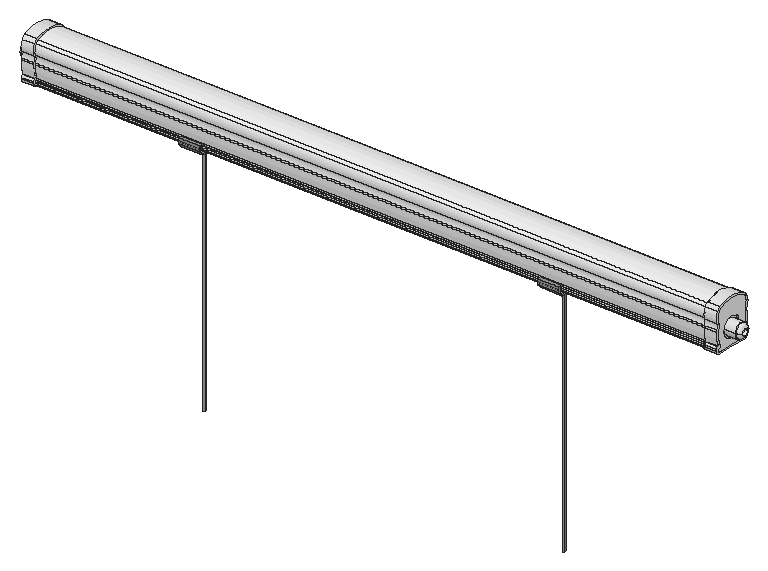
Revit family "0046031_suspended", category Lighting Fixtures, host Face, Revit 2016
Family settings
  Host = Face
  Part Type = Normal
  Round Connector Dimension = Use Diameter
  OmniClass Number = 23.80.70.00
  OmniClass Title = Lighting
  Cut with Voids When Loaded = No
  Light Source = No
  Shared = No
  Room Calculation Point = No
Parameters (values of type "0046031 ST WTRPRF SLIM 1200 IP65 4600LM 840")
  Weight = "7.38 kg"
  Wattage Comments = ""
  WarrantyStartDate [instance] = "n/a"
  WarrantyGuarantorParts = "n/a"
  WarrantyDurationUnit = "n/a"
  WarrantyDurationParts = "n/a"
  WarrantyDescription = "n/a"
  Voltage = 0 V
  URL = "http://www.sylvania-lighting.com"
  TypeName = "START Waterproof Slim 1200 IP65 4600lm 840"
  TypeFixture_SYL = START Waterproof Slim Fixture : 0046031 ST WTRPRF SLIM 1200 IP65 4600LM 840
  Type Image = <None>
  Type Comments = "n/a"
  SuspensionHeight_SYL [instance] = 400 mm
  SerialNumber [instance] = "n/a"
  S_SYL = no
  Material_3_SYL = Aluminum
  PowerFactor = 0.9
  PowerConsumption = "35 W"
  NominalLength = 1208 mm
  NominalHeight = 75 mm
  NominalDepth = 63 mm
  Name = "START Waterproof Slim 1200 IP65 4600lm 840"
  ModelReference = Name  # "START Waterproof Slim 1200 IP65 4600lm 840"
  ModelNumber = "0046031"
  Model = Name  # "START Waterproof Slim 1200 IP65 4600lm 840"
  Material = "n/a"
  ManufacturerName = "Feilo Sylvania"
  Manufacturer = "Feilo Sylvania"
  M_SYL = yes
  LuminousEfficacy = "130 lm/W"
  LuminaireType = ""
  LightOutputRatio = "n/a"
  LampsType = Lamp  # "LED"
  LampNominalLuminous = "4550 lm"
  LampMacAdamStep = "n/a"
  LampColourTemperature = "4000 K"
  LampColourRenderingIndex = "80"
  Lamp = "LED"
  Keynote = "16500"
  InstallationDate [instance] = "n/a"
  InputVoltage = "n/a"
  InputNominalFrequency = "n/a"
  IngressProtection = "IP65"
  ImpactProtectionIndex = "IK08"
  IfcExportType = "IfcLightFixtureType"
  IfcExportAs = "IfcLightFixtureType"
  ElectricShockClassification = "Class I"
  DocumentationLiterature = "http://www.sylvania-lighting.com/product/en-int/products/0046031"
  DimmingControlOptions = "n/a"
  Material_2_SYL = Diffuser-Sylvania
  Description = "START Waterproof Slim is a LED integrated polycarbonate housing luminaire with easy to access electrical terminal through bayonet lock end caps and tool-free electrical connection due to push-in terminal. Flexible installation as mounting brackets can be positioned freely on the luminaire. 35W; 4550lm; High efficiency with 130lm/W and 50,000 lifetime. SDCM ≤6; IP65; IK08; Class I; 1208mm x 63mm x 75mm ,"
  Default Elevation = 1219.2 mm
  CreatedOn = "3/5/2019"
  CreatedBy = "@sylvania-lighting.com"
  Cost = 0
  built-in parameter 1114216 [instance] = (empty or 0)
  ClassificationValue = "EF_70_80"
  ClassificationName = "Uniclass2015"
  Material_1_SYL = PC/ABS Plastic
  BracketDistance_SYL = if(S_SYL, 300 mm, if(M_SYL, 600 mm, 750 mm))  # 600 mm
  BarCode [instance] = "n/a"
  AssetType = "Fixed"
  AssetIdentifier [instance] = "n/a"
  Assembly Code = "D5020200"
  Apparent Load = 35 VA
  Material_4_SYL = none
Reference planes
  plane 1 "Center (Front/Back)": y = 0
  plane 2: z = 0
  plane 3 "Center (Left/Right)": x = 0
  plane 4: x = -300
  plane 5: x = 300
  plane 6: z = 400
Forms (mm)
  Extrusion 1, solid, material "Aluminum" <- "Material_3_SYL"
    sketch origin (0, 0, 0) x (1, 0, 0) y (0, 1, 0)
      loop
        circle (-300, 0) r 2
      loop
        circle (300, 0) r 2
    from 0 to 400
Dimensions and locks
  equal spacing: plane 4, plane 3 "Center (Left/Right)", plane 5
  "BracketDistance_SYL": plane 4 to plane 5
  "SuspensionHeight_SYL": plane 6 to plane 2
  aligned and locked: plane 2 to host face
  aligned and locked: level to host face
  aligned and locked: Extrusion 1 to plane 6
  aligned and locked: plane 3 "Center (Left/Right)" to nested 1
  aligned and locked: plane 1 "Center (Front/Back)" to nested 1
Automatic sketch dimensions
  host sketch curve to host sketch curve = 2438.4 mm  (x2)
  plane 1 "Center (Front/Back)" to Extrusion 1 sketch curve = 0 mm  (x2)
  Extrusion 1 sketch curve to plane 4 = 0 mm
  Extrusion 1 sketch curve to plane 5 = 0 mm
  radius of Extrusion 1 sketch curve = 2 mm  (x2)
Nested families
  nested 1: "START Waterproof Slim Fixture" at (0, 0, 400), type <- "TypeFixture_SYL", type "0046031 ST WTRPRF SLIM 1200 IP65 4600LM 840"
    with WarrantyStartDate "n/a", SerialNumber "n/a", InstallationDate "n/a", built-in parameter 1114216 (empty or 0), BarCode "n/a", AssetIdentifier "n/a"
Definition of nested family "START Waterproof Slim Fixture"
  Parameters (values of type "0046034 ST WTRPRF SLIM 1500 IP65 3500LM 840")
    Weight = "8.64 kg"
    Wattage Comments = ""
    Wattage = 28 W
    WarrantyStartDate [instance] = "n/a"
    WarrantyGuarantorParts = "n/a"
    WarrantyDurationUnit = "n/a"
    WarrantyDurationParts = "n/a"
    WarrantyDescription = "n/a"
    built-in parameter 1150110 = 1 (stored number, unit not read)
    Voltage = 0 V
    URL = "http://www.sylvania-lighting.com"
    TypeName = "START Waterproof Slim 1500 IP65 3500lm 840"
    Type Image = (empty or 0)
    Type Comments = "n/a"
    built-in parameter 1114217 = 1 (stored number, unit not read)
    Tilt Angle = -90.00°
    built-in parameter 1150109 = 1 (stored number, unit not read)
    built-in parameter 1150134 = 12
    built-in parameter 1150113 = 1 (stored number, unit not read)
    SerialNumber [instance] = "n/a"
    S_SYL = no
    Photometric Web File = "0046034.ies"
    Material_3_SYL = none
    PowerFactor = 0.9
    PowerConsumption = "28 W"
    NominalLength = 1448 mm
    NominalHeight = 75 mm
    NominalDepth = 63 mm
    Name = "START Waterproof Slim 1500 IP65 3500lm 840"
    ModelReference = Name  # "START Waterproof Slim 1500 IP65 3500lm 840"
    ModelNumber = "0046034"
    Model = Name  # "START Waterproof Slim 1500 IP65 3500lm 840"
    Material = "n/a"
    ManufacturerName = "Feilo Sylvania"
    Manufacturer = "Feilo Sylvania"
    M_SYL = no
    LuminousEfficacy = "130 lm/W"
    built-in parameter 1150105 = 289.66 (stored number, unit not read)
    Lumens = 3640 lm
    LuminaireType = ""
    built-in parameter 1150115 = 1 (stored number, unit not read)
    LightOutputRatio = "n/a"
    built-in parameter 1150137 = (empty or 0)
    built-in parameter 1150139 = (empty or 0)
    Length_SYL = if(S_SYL, 601 mm, if(M_SYL, 1161 mm, 1442 mm))  # 1442 mm
    LampsType = Lamp  # "LED"
    LampNominalLuminous = "3650 lm"
    LampMacAdamStep = "n/a"
    LampColourTemperature = "4000 K"
    LampColourRenderingIndex = "80"
    built-in parameter 1150112 = 1 (stored number, unit not read)
    built-in parameter 1150114 = 1 (stored number, unit not read)
    Lamp = "LED"
    Keynote = "16500"
    InstallationDate [instance] = "n/a"
    InputVoltage = "n/a"
    InputNominalFrequency = "n/a"
    built-in parameter 1150132 = (empty or 0)
    built-in parameter 1150102 = (empty or 0)
    built-in parameter 1150107 = 4000 (stored number, unit not read)
    built-in parameter 1150138 = (empty or 0)
    IngressProtection = "IP65"
    ImpactProtectionIndex = "IK08"
    built-in parameter 1150106 = 2.8966 (stored number, unit not read)
    IfcExportType = "IfcLightFixtureType"
    IfcExportAs = "IfcLightFixtureType"
    Emit from Rectangle Width = 60 mm
    Emit from Rectangle Length = Length_SYL - 41 mm  # 1401 mm
    Emit Shape Visible in Rendering = no
    ElectricShockClassification = "Class I"
    built-in parameter 1150104 = 12.077 (stored number, unit not read)
    DocumentationLiterature = "http://www.sylvania-lighting.com/product/en-int/products/0046034"
    DimmingControlOptions = "n/a"
    Material_2_SYL = none
    Dimming Lamp Color Temperature Shift = (empty or 0)
    Description = "START Waterproof Slim is a LED integrated polycarbonate housing luminaire with easy to access electrical terminal through bayonet lock end caps and tool-free electrical connection due to push-in terminal. Flexible installation as mounting brackets can be positioned freely on the luminaire. 28W; 3650lm; High efficiency with 130lm/W and 50,000 lifetime. SDCM ≤6; IP65; IK08; Class I; 1489mm x 63mm x 75mm ,"
    Default Elevation = 1219.2 mm
    CreatedOn = "3/5/2019"
    CreatedBy = "@sylvania-lighting.com"
    Cost = 0
    Color Filter = 16777215
    built-in parameter 1114216 [instance] = (empty or 0)
    ClassificationValue = "EF_70_80"
    ClassificationName = "Uniclass2015"
    Material_1_SYL = none
    BracketDistance_SYL = if(S_SYL, 300 mm, if(M_SYL, 600 mm, 750 mm))  # 750 mm
    BarCode [instance] = "n/a"
    built-in parameter 1114218 = 1 (stored number, unit not read)
    built-in parameter 1150133 = 10 (stored number, unit not read)
    AssetType = "Fixed"
    AssetIdentifier [instance] = "n/a"
    Assembly Code = "D5020200"
    Apparent Load = 28 VA
    Material_4_SYL = none
  Types (5, lengths in mm): name | Weight | Wattage | TypeName | S_SYL | Photometric Web File | PowerConsumption | NominalLength | Name | ModelReference | ModelNumber | Model | M_SYL | built-in parameter 1150105 | Lumens | Length_SYL | LampNominalLuminous | built-in parameter 1150106 | Emit from Rectangle Length | DocumentationLiterature | Description | BracketDistance_SYL | Apparent Load
    0046034 ST WTRPRF SLIM 1500 IP65 3500LM 840 | "8.64 kg" | 28 W | "START Waterproof Slim 1500 IP65 3500lm 840" | no | "0046034.ies" | "28 W" | 1448 | "START Waterproof Slim 1500 IP65 3500lm 840" | "START Waterproof Slim 1500 IP65 3500lm 840" | "0046034" | "START Waterproof Slim 1500 IP65 3500lm 840" | no | 289.66 (stored number, unit not read) | 3640 lm | 1442 | "3650 lm" | 2.8966 (stored number, unit not read) | 1401 | "http://www.sylvania-lighting.com/product/en-int/products/0046034" | "START Waterproof Slim is a LED integrated polycarbonate housing luminaire with easy to access electrical terminal through bayonet lock end caps and tool-free electrical connection due to push-in terminal. Flexible installation as mounting brackets can be positioned freely on the luminaire. 28W; 3650lm; High efficiency with 130lm/W and 50,000 lifetime. SDCM ≤6; IP65; IK08; Class I; 1489mm x 63mm x 75mm ," | 750 | 28 VA
    0046033 ST WTRPRF SLIM 1200 IP65 2400LM 840 | "7.26 kg" | 19 W | "START Waterproof Slim 1200 IP65 2400lm 840" | no | "0046033.ies" | "19 W" | 1208 | "START Waterproof Slim 1200 IP65 2400lm 840" | "START Waterproof Slim 1200 IP65 2400lm 840" | "0046033" | "START Waterproof Slim 1200 IP65 2400lm 840" | yes | 196.56 (stored number, unit not read) | 2470 lm | 1161 | "2400 lm" | 1.9656 (stored number, unit not read) | 1120 | "http://www.sylvania-lighting.com/product/en-int/products/0046033" | "START Waterproof Slim is a LED integrated polycarbonate housing luminaire with easy to access electrical terminal through bayonet lock end caps and tool-free electrical connection due to push-in terminal. Flexible installation as mounting brackets can be positioned freely on the luminaire. 19W; 2400lm; High efficiency with 130lm/W and 50,000 lifetime. SDCM ≤6; IP65; IK08; Class I; 1208mm x 63mm x 75mm ," | 600 | 19 VA
    0046032 ST WTRPRF SLIM 1500 IP65 6200LM 840 | "8.88 kg" | 50 W | "START Waterproof Slim 1500 IP65 6200lm 840" | no | "0046032.ies" | "50 W" | 1448 | "START Waterproof Slim 1500 IP65 6200lm 840" | "START Waterproof Slim 1500 IP65 6200lm 840" | "0046032" | "START Waterproof Slim 1500 IP65 6200lm 840" | no | 517.25 (stored number, unit not read) | 6500 lm | 1442 | "6500 lm" | 5.1725 (stored number, unit not read) | 1401 | "http://www.sylvania-lighting.com/product/en-int/products/0046032" | "START Waterproof Slim is a LED integrated polycarbonate housing luminaire with easy to access electrical terminal through bayonet lock end caps and tool-free electrical connection due to push-in terminal. Flexible installation as mounting brackets can be positioned freely on the luminaire. 50W; 6500lm; High efficiency with 130lm/W and 50,000 lifetime. SDCM ≤6; IP65; IK08; Class I; 1489mm x 63mm x 75mm ," | 750 | 50 VA
    0046031 ST WTRPRF SLIM 1200 IP65 4600LM 840 | "7.38 kg" | 35 W | "START Waterproof Slim 1200 IP65 4600lm 840" | no | "0046031.ies" | "35 W" | 1208 | "START Waterproof Slim 1200 IP65 4600lm 840" | "START Waterproof Slim 1200 IP65 4600lm 840" | "0046031" | "START Waterproof Slim 1200 IP65 4600lm 840" | yes | 362.08 (stored number, unit not read) | 4550 lm | 1161 | "4550 lm" | 3.6208 (stored number, unit not read) | 1120 | "http://www.sylvania-lighting.com/product/en-int/products/0046031" | "START Waterproof Slim is a LED integrated polycarbonate housing luminaire with easy to access electrical terminal through bayonet lock end caps and tool-free electrical connection due to push-in terminal. Flexible installation as mounting brackets can be positioned freely on the luminaire. 35W; 4550lm; High efficiency with 130lm/W and 50,000 lifetime. SDCM ≤6; IP65; IK08; Class I; 1208mm x 63mm x 75mm ," | 600 | 35 VA
    0046030 ST WTRPRF SLIM 600 IP65 2400LM 840 | "6.0 kg" | 19 W | "START Waterproof Slim 600 IP65 2400lm 840" | yes | "0046030.ies" | "19 W" | 648 | "START Waterproof Slim 600 IP65 2400lm 840" | "START Waterproof Slim 600 IP65 2400lm 840" | "0046030" | "START Waterproof Slim 600 IP65 2400lm 840" | no | 196.56 (stored number, unit not read) | 2470 lm | 601 | "2400 lm" | 1.9656 (stored number, unit not read) | 560 | "http://www.sylvania-lighting.com/product/en-int/products/0046030" | "START Waterproof Slim is a LED integrated polycarbonate housing luminaire with easy to access electrical terminal through bayonet lock end caps and tool-free electrical connection due to push-in terminal. Flexible installation as mounting brackets can be positioned freely on the luminaire. 19W; 2400lm; High efficiency with 130lm/W and 50,000 lifetime. SDCM ≤6; IP65; IK08; Class I; 648mm x 63mm x 75mm ," | 300 | 19 VA
  Reference planes
    plane 1 "Center (Front/Back)": y = 0
    plane 2: z = 0
    plane 3 "Center (Left/Right)": x = 0
    plane 4: y = 31.5
    plane 5: y = -31.5
    plane 6: z = 86
    plane 7: z = 5
    plane 8: x = -721
    plane 9: x = 721
    plane 10: x = -700.5
    plane 11: x = 700.5
    plane 12: x = -720
    plane 13: x = 720
    plane 14: z = 33.7
    plane 15: y = 11
    plane 16: x = 716
    plane 17: x = -716
    plane 18: y = 17
    plane 19: x = 736.5
    plane 20: x = -736.5
    plane 21: x = 742.7
    plane 22: x = -742.7
    plane 23: y = 12.2
    plane 24: y = 6.2
    plane 25: z = 1
    plane 26: y = 26
    plane 27: y = -26
    plane 28: z = 15
    plane 29: x = -375
    plane 30: x = 375
    plane 31: x = -392.5
    plane 32: x = -357.5
    plane 33: x = 392.5
    plane 34: x = 357.5
  Forms (mm)
    Extrusion 1, solid
      sketch origin (4.2, 0, 0) x (1, 0, 0) y (0, 1, 0)
        loop
          line (-1219.2, 1219.2) -> (-1219.2, -1219.2) -> (1219.2, -1219.2) -> (1219.2, 1219.2) -> (-1219.2, 1219.2)
      from 0 to -68.017
    Extrusion 2, solid
      sketch origin (0, 0, 5) x (0, 1, 0) y (0, 0, 1)
        loop
          arc (26.446, 12.356) -> (28.93, 23.033) -> (29.9, 33.951) r 78.424
          arc (29.9, 33.951) -> (29.789, 35.375) -> (29.407, 36.75) r 7.401
          arc (29.407, 36.75) -> (28.37, 42.326) -> (29.407, 47.901) r 15.507
          arc (29.407, 47.901) -> (30.59, 55.782) -> (28.321, 63.421) r 18.358
          arc (28.321, 63.421) -> (26.333, 66.056) -> (23.699, 68.044) r 11.911
          arc (23.699, 68.044) -> (0, 74.189) -> (-23.699, 68.044) r 48.773
          arc (-23.699, 68.044) -> (-26.333, 66.056) -> (-28.321, 63.421) r 11.911
          arc (-28.321, 63.421) -> (-30.59, 55.782) -> (-29.407, 47.901) r 18.358
          arc (-29.407, 47.901) -> (-28.37, 42.326) -> (-29.407, 36.75) r 15.507
          arc (-29.407, 36.75) -> (-29.789, 35.375) -> (-29.9, 33.951) r 7.401
          arc (-29.9, 33.951) -> (-28.93, 23.033) -> (-26.446, 12.356) r 78.424
          line (-26.446, 12.356) -> (-26.446, 9.516) -> (-28.478, 9.516)
          arc (-28.478, 9.516) -> (-29.483, 9.1) -> (-29.9, 8.094) r 1.422
          line (-29.9, 8.094) -> (-29.9, 5.51)
          arc (-29.9, 5.51) -> (-28.755, 2.745) -> (-25.99, 1.6) r 3.91
          line (-25.99, 1.6) -> (0, 1.6) -> (25.99, 1.6)
          arc (25.99, 1.6) -> (28.755, 2.745) -> (29.9, 5.51) r 3.91
          line (29.9, 5.51) -> (29.9, 8.094)
          arc (29.9, 8.094) -> (29.483, 9.1) -> (28.478, 9.516) r 1.422
          line (28.478, 9.516) -> (26.446, 9.516) -> (26.446, 12.356)
      from -700.5 to 700.5
    Extrusion 3, solid, material <- "Material_1_SYL"
      sketch origin (700.5, 1524, 1224.2) x (0, 1, 0) y (0, 0, 1)
        loop
          line (-1552.046, -1207.084) -> (-1552.046, -1208.115)
          arc (-1552.046, -1208.115) -> (-1554.456, -1208.821) -> (-1555.5, -1211.106) r 3.022
          line (-1555.5, -1211.106) -> (-1555.5, -1213.69)
          arc (-1555.5, -1213.69) -> (-1553.886, -1217.586) -> (-1549.99, -1219.2) r 5.51
          line (-1549.99, -1219.2) -> (-1524, -1219.2) -> (-1498.01, -1219.2)
          arc (-1498.01, -1219.2) -> (-1494.114, -1217.586) -> (-1492.5, -1213.69) r 5.51
          line (-1492.5, -1213.69) -> (-1492.5, -1211.106)
          arc (-1492.5, -1211.106) -> (-1493.544, -1208.821) -> (-1495.954, -1208.115) r 3.022
          line (-1495.954, -1208.115) -> (-1495.954, -1207.084)
          arc (-1495.954, -1207.084) -> (-1493.471, -1196.301) -> (-1492.5, -1185.279) r 80.024
          arc (-1492.5, -1185.279) -> (-1492.635, -1183.547) -> (-1493.1, -1181.874) r 9.001
          arc (-1493.1, -1181.874) -> (-1494.03, -1176.874) -> (-1493.1, -1171.874) r 13.907
          arc (-1493.1, -1171.874) -> (-1491.814, -1163.307) -> (-1494.28, -1155.001) r 19.958
          arc (-1494.28, -1155.001) -> (-1496.535, -1152.013) -> (-1499.524, -1149.758) r 13.511
          arc (-1499.524, -1149.758) -> (-1524, -1143.411) -> (-1548.476, -1149.758) r 50.373
          arc (-1548.476, -1149.758) -> (-1551.465, -1152.013) -> (-1553.72, -1155.001) r 13.511
          arc (-1553.72, -1155.001) -> (-1556.186, -1163.307) -> (-1554.9, -1171.874) r 19.958
          arc (-1554.9, -1171.874) -> (-1553.97, -1176.874) -> (-1554.9, -1181.874) r 13.907
          arc (-1554.9, -1181.874) -> (-1555.365, -1183.547) -> (-1555.5, -1185.279) r 9.001
          arc (-1555.5, -1185.279) -> (-1554.529, -1196.301) -> (-1552.046, -1207.084) r 80.024
      from 0 to 20.5
    Extrusion 4, solid, material <- "Material_1_SYL"
      sketch origin (-700.5, 1524, 1224.2) x (0, 1, 0) y (0, 0, 1)
        loop
          arc (-1499.524, -1149.758) -> (-1524, -1143.411) -> (-1548.476, -1149.758) r 50.373
          arc (-1548.476, -1149.758) -> (-1551.465, -1152.013) -> (-1553.72, -1155.001) r 13.511
          arc (-1553.72, -1155.001) -> (-1556.186, -1163.307) -> (-1554.9, -1171.874) r 19.958
          arc (-1554.9, -1171.874) -> (-1553.97, -1176.874) -> (-1554.9, -1181.874) r 13.907
          arc (-1554.9, -1181.874) -> (-1555.365, -1183.547) -> (-1555.5, -1185.279) r 9.001
          arc (-1555.5, -1185.279) -> (-1554.529, -1196.301) -> (-1552.046, -1207.084) r 80.024
          line (-1552.046, -1207.084) -> (-1552.046, -1208.115)
          arc (-1552.046, -1208.115) -> (-1554.456, -1208.821) -> (-1555.5, -1211.106) r 3.022
          line (-1555.5, -1211.106) -> (-1555.5, -1213.69)
          arc (-1555.5, -1213.69) -> (-1553.886, -1217.586) -> (-1549.99, -1219.2) r 5.51
          line (-1549.99, -1219.2) -> (-1524, -1219.2) -> (-1498.01, -1219.2)
          arc (-1498.01, -1219.2) -> (-1494.114, -1217.586) -> (-1492.5, -1213.69) r 5.51
          line (-1492.5, -1213.69) -> (-1492.5, -1211.106)
          arc (-1492.5, -1211.106) -> (-1493.544, -1208.821) -> (-1495.954, -1208.115) r 3.022
          line (-1495.954, -1208.115) -> (-1495.954, -1207.084)
          arc (-1495.954, -1207.084) -> (-1493.471, -1196.301) -> (-1492.5, -1185.279) r 80.024
          arc (-1492.5, -1185.279) -> (-1492.635, -1183.547) -> (-1493.1, -1181.874) r 9.001
          arc (-1493.1, -1181.874) -> (-1494.03, -1176.874) -> (-1493.1, -1171.874) r 13.907
          arc (-1493.1, -1171.874) -> (-1491.814, -1163.307) -> (-1494.28, -1155.001) r 19.958
          arc (-1494.28, -1155.001) -> (-1496.535, -1152.013) -> (-1499.524, -1149.758) r 13.511
      from -20.5 to 0
    Extrusion 5, void
      sketch origin (721, 1524, 1224.2) x (0, -1, 0) y (0, 0, 1)
        loop
          arc (1553.033, -1171.155) -> (1554.191, -1163.446) -> (1551.972, -1155.973) r 17.958
          arc (1551.972, -1155.973) -> (1550.051, -1153.427) -> (1547.504, -1151.506) r 11.511
          arc (1547.504, -1151.506) -> (1524, -1145.411) -> (1500.496, -1151.506) r 48.373
          arc (1500.496, -1151.506) -> (1497.949, -1153.427) -> (1496.028, -1155.973) r 11.511
          arc (1496.028, -1155.973) -> (1493.809, -1163.446) -> (1494.967, -1171.155) r 17.958
          arc (1494.967, -1171.155) -> (1496.03, -1176.874) -> (1494.967, -1182.593) r 15.907
          arc (1494.967, -1182.593) -> (1494.605, -1183.895) -> (1494.5, -1185.241) r 7.001
          arc (1494.5, -1185.241) -> (1495.47, -1196.134) -> (1497.954, -1206.784) r 78.024
          line (1497.954, -1206.784) -> (1497.954, -1210.094) -> (1495.668, -1210.094)
          arc (1495.668, -1210.094) -> (1494.853, -1210.333) -> (1494.5, -1211.106) r 1.022
          line (1494.5, -1211.106) -> (1494.5, -1213.69)
          arc (1494.5, -1213.69) -> (1495.528, -1216.172) -> (1498.01, -1217.2) r 3.51
          line (1498.01, -1217.2) -> (1524, -1217.2) -> (1549.99, -1217.2)
          arc (1549.99, -1217.2) -> (1552.472, -1216.172) -> (1553.5, -1213.69) r 3.51
          line (1553.5, -1213.69) -> (1553.5, -1211.106)
          arc (1553.5, -1211.106) -> (1553.147, -1210.333) -> (1552.332, -1210.094) r 1.022
          line (1552.332, -1210.094) -> (1550.046, -1210.094) -> (1550.046, -1206.784)
          arc (1550.046, -1206.784) -> (1552.53, -1196.134) -> (1553.5, -1185.241) r 78.024
          arc (1553.5, -1185.241) -> (1553.395, -1183.895) -> (1553.033, -1182.593) r 7.001
          arc (1553.033, -1182.593) -> (1551.97, -1176.874) -> (1553.033, -1171.155) r 15.907
      from 0 to 1
    Extrusion 6, void
      sketch origin (-721, 1524, 1224.2) x (0, -1, 0) y (0, 0, 1)
        loop
          arc (1547.504, -1151.506) -> (1524, -1145.411) -> (1500.496, -1151.506) r 48.373
          arc (1500.496, -1151.506) -> (1497.949, -1153.427) -> (1496.028, -1155.973) r 11.511
          arc (1496.028, -1155.973) -> (1493.809, -1163.446) -> (1494.967, -1171.155) r 17.958
          arc (1494.967, -1171.155) -> (1496.03, -1176.874) -> (1494.967, -1182.593) r 15.907
          arc (1494.967, -1182.593) -> (1494.605, -1183.895) -> (1494.5, -1185.241) r 7.001
          arc (1494.5, -1185.241) -> (1495.47, -1196.134) -> (1497.954, -1206.784) r 78.024
          line (1497.954, -1206.784) -> (1497.954, -1210.094) -> (1495.668, -1210.094)
          arc (1495.668, -1210.094) -> (1494.853, -1210.333) -> (1494.5, -1211.106) r 1.022
          line (1494.5, -1211.106) -> (1494.5, -1213.69)
          arc (1494.5, -1213.69) -> (1495.528, -1216.172) -> (1498.01, -1217.2) r 3.51
          line (1498.01, -1217.2) -> (1524, -1217.2) -> (1549.99, -1217.2)
          arc (1549.99, -1217.2) -> (1552.472, -1216.172) -> (1553.5, -1213.69) r 3.51
          line (1553.5, -1213.69) -> (1553.5, -1211.106)
          arc (1553.5, -1211.106) -> (1553.147, -1210.333) -> (1552.332, -1210.094) r 1.022
          line (1552.332, -1210.094) -> (1550.046, -1210.094) -> (1550.046, -1206.784)
          arc (1550.046, -1206.784) -> (1552.53, -1196.134) -> (1553.5, -1185.241) r 78.024
          arc (1553.5, -1185.241) -> (1553.395, -1183.895) -> (1553.033, -1182.593) r 7.001
          arc (1553.033, -1182.593) -> (1551.97, -1176.874) -> (1553.033, -1171.155) r 15.907
          arc (1553.033, -1171.155) -> (1554.191, -1163.446) -> (1551.972, -1155.973) r 17.958
          arc (1551.972, -1155.973) -> (1550.051, -1153.427) -> (1547.504, -1151.506) r 11.511
      from 0 to -1
    Revolve 7, void
      sketch origin (0, 1219.2, 33.7) x (1, 0, 0) y (0, 1, 0)
        loop
          line (720, -1202.2) -> (716, -1202.2) -> (716, -1219.2) -> (720, -1219.2) -> (720, -1202.2)
        loop
          line (-716, -1219.2) -> (-716, -1202.2) -> (-720, -1202.2) -> (-720, -1219.2) -> (-716, -1219.2)
        axis (720, -1219.2) -> (-720, -1219.2)
      angle from 360 to 0
    Revolve 8, solid, material <- "Material_1_SYL"
      sketch origin (0, 1219.2, 33.7) x (1, 0, 0) y (0, 1, 0)
        loop
          line (716, -1219.2) -> (736.5, -1219.2) -> (736.5, -1213) -> (742.7, -1213)
          arc (742.7, -1213) -> (740.42, -1209.54) -> (736.5, -1208.2) r 6.404
          line (736.5, -1208.2) -> (736.5, -1207) -> (716, -1207) -> (716, -1219.2)
        loop
          line (-716, -1219.2) -> (-716, -1207) -> (-736.5, -1207) -> (-736.5, -1208.2)
          arc (-736.5, -1208.2) -> (-740.42, -1209.54) -> (-742.7, -1213) r 6.404
          line (-742.7, -1213) -> (-736.5, -1213) -> (-736.5, -1219.2) -> (-716, -1219.2)
        axis (742.7, -1219.2) -> (-742.7, -1219.2)
      angle from 360 to 0
    Extrusion 9, solid, material <- "Material_3_SYL"
      sketch origin (-375, 1524, 1214.2) x (0, 1, 0) y (0, 0, 1)
        loop
          line (-1498, -1213.2) -> (-1550, -1213.2) -> (-1555.5, -1207.7) -> (-1555.5, -1199.2) -> (-1550.446, -1199.2) -> (-1550.446, -1198.2) -> (-1556.5, -1198.2) -> (-1556.5, -1208.114) -> (-1550.414, -1214.2) -> (-1497.586, -1214.2) -> (-1491.5, -1208.114) -> (-1491.5, -1198.2) -> (-1497.554, -1198.2) -> (-1497.554, -1199.2) -> (-1492.5, -1199.2) -> (-1492.5, -1207.7) -> (-1498, -1213.2)
      from -17.5 to 17.5
    Extrusion 10, solid, material <- "Material_3_SYL"
      sketch origin (375, 1524, 1214.2) x (0, 1, 0) y (0, 0, 1)
        loop
          line (-1550, -1213.2) -> (-1555.5, -1207.7) -> (-1555.5, -1199.2) -> (-1550.446, -1199.2) -> (-1550.446, -1198.2) -> (-1556.5, -1198.2) -> (-1556.5, -1208.114) -> (-1550.414, -1214.2) -> (-1497.586, -1214.2) -> (-1491.5, -1208.114) -> (-1491.5, -1198.2) -> (-1497.554, -1198.2) -> (-1497.554, -1199.2) -> (-1492.5, -1199.2) -> (-1492.5, -1207.7) -> (-1498, -1213.2) -> (-1550, -1213.2)
      from -17.5 to 17.5
  Cuts and joins
    Extrusion 5, Revolve 7 cuts Extrusion 3
    Extrusion 6, Revolve 7 cuts Extrusion 4
  Lines and regions (mm)
    reference lines
      curve 1: line (0, 0, 5) -> (0, -25.99, 5)
      curve 2: line (0, -31.5, 10.51) -> (0, -31.5, 13.094)
      curve 3: line (0, -28.478, 16.116) -> (0, -28.046, 16.116)
      curve 4: line (0, -28.046, 16.116) -> (0, -28.046, 17.116)
      curve 5: arc (0, -28.046, 17.116) -> (0, -30.529, 27.899) -> (0, -31.5, 38.921) r 80.024
      curve 6: arc (0, -31.5, 38.921) -> (0, -31.365, 40.653) -> (0, -30.9, 42.326) r 9.001
      curve 7: arc (0, -30.9, 42.326) -> (0, -29.97, 47.326) -> (0, -30.9, 52.326) r 13.907
      curve 8: arc (0, -30.9, 52.326) -> (0, -32.186, 60.893) -> (0, -29.72, 69.199) r 19.958
      curve 9: arc (0, -29.72, 69.199) -> (0, -27.465, 72.187) -> (0, -24.476, 74.442) r 13.511
      curve 10: arc (0, -31.5, 13.094) -> (0, -30.615, 15.231) -> (0, -28.478, 16.116) r 3.022
      curve 11: arc (0, -25.99, 5) -> (0, -29.886, 6.614) -> (0, -31.5, 10.51) r 5.51
      curve 12: line (0, 0, 5) -> (0, 25.99, 5)
      curve 13: line (0, 31.5, 10.51) -> (0, 31.5, 13.094)
      curve 14: line (0, 28.478, 16.116) -> (0, 28.046, 16.116)
      curve 15: line (0, 28.046, 16.116) -> (0, 28.046, 17.116)
      curve 16: arc (0, 28.046, 17.116) -> (0, 30.529, 27.899) -> (0, 31.5, 38.921) r 80.024
      curve 17: arc (0, 31.5, 38.921) -> (0, 31.365, 40.653) -> (0, 30.9, 42.326) r 9.001
      curve 18: arc (0, 30.9, 42.326) -> (0, 29.97, 47.326) -> (0, 30.9, 52.326) r 13.907
      curve 19: arc (0, 30.9, 52.326) -> (0, 32.186, 60.893) -> (0, 29.72, 69.199) r 19.958
      curve 20: arc (0, 29.72, 69.199) -> (0, 27.465, 72.187) -> (0, 24.476, 74.442) r 13.511
      curve 21: arc (0, 31.5, 13.094) -> (0, 30.615, 15.231) -> (0, 28.478, 16.116) r 3.022
      curve 22: arc (0, 25.99, 5) -> (0, 29.886, 6.614) -> (0, 31.5, 10.51) r 5.51
      curve 23: arc (0, -24.476, 74.442) -> (0, 0, 80.789) -> (0, 24.476, 74.442) r 50.373
      curve 24: circle (0, 0, 33.7) r 17 normal (1, 0, 0)
      curve 25: circle (0, 0, 33.7) r 11 normal (1, 0, 0)
      curve 26: line (0, -26, 1) -> (0, -31.5, 6.5)
      curve 27: line (0, 26, 1) -> (0, 31.5, 6.5)
  Dimensions and locks
    equal spacing: plane 5, plane 1 "Center (Front/Back)", plane 4
    plane 5 to plane 4 = 63 mm
    equal spacing: plane 8, plane 3 "Center (Left/Right)", plane 9
    "Length_SYL": plane 8 to plane 9
    equal spacing: plane 10, plane 3 "Center (Left/Right)", plane 11
    locked: plane 8 to plane 10 at 20.5
    equal spacing: plane 12, plane 3 "Center (Left/Right)", plane 13
    locked: plane 8 to plane 12 at 1
    locked: plane 7 to plane 14 at 28.7
    equal spacing: plane 17, plane 3 "Center (Left/Right)", plane 16
    locked: plane 12 to plane 17 at 4
    locked: plane 1 "Center (Front/Back)" to plane 15 at 11
    locked: plane 1 "Center (Front/Back)" to plane 18 at 17
    equal spacing: plane 20, plane 3 "Center (Left/Right)", plane 19
    equal spacing: plane 22, plane 3 "Center (Left/Right)", plane 21
    locked: plane 20 to plane 12 at 16.5
    locked: plane 22 to plane 20 at 6.2
    locked: plane 15 to plane 23 at 1.2
    locked: plane 1 "Center (Front/Back)" to plane 24 at 6.2
    locked: plane 25 to plane 7 at 4
    equal spacing: plane 27, plane 1 "Center (Front/Back)", plane 26
    locked: plane 27 to plane 26 at 52
    locked: plane 7 to plane 28 at 10
    equal spacing: plane 29, plane 3 "Center (Left/Right)", plane 30
    "BracketDistance_SYL": plane 29 to plane 30
    plane 31 to plane 29 to plane 32 = 17.5 mm locked, 17.5 mm locked
    plane 34 to plane 30 to plane 33 = 17.5 mm locked, 17.5 mm locked
    aligned and locked: plane 2 to Extrusion 1
    aligned and locked: level to Extrusion 1
    aligned and locked: curve 1 to plane 7
    aligned and locked: curve 2 to plane 5
    aligned and locked: plane 5 to curve 5
    aligned and locked: Extrusion 2 to plane 10
    aligned and locked: plane 11 to Extrusion 2
    aligned and locked: Extrusion 3 sketch curve to curve 5
    aligned and locked: Extrusion 3 sketch curve to curve 6
    aligned and locked: Extrusion 3 sketch curve to curve 7
    aligned and locked: Extrusion 3 sketch curve to curve 8
    aligned and locked: Extrusion 3 sketch curve to curve 9
    aligned and locked: Extrusion 3 sketch curve to curve 23
    aligned and locked: Extrusion 3 sketch curve to curve 20
    aligned and locked: Extrusion 3 sketch curve to curve 19
    aligned and locked: Extrusion 3 sketch curve to curve 18
    aligned and locked: Extrusion 3 sketch curve to curve 17
    aligned and locked: Extrusion 3 sketch curve to curve 16
    aligned and locked: Extrusion 3 sketch curve to curve 21
    aligned and locked: Extrusion 3 sketch curve to curve 22
    aligned and locked: Extrusion 3 sketch curve to curve 1
    aligned and locked: Extrusion 3 sketch curve to curve 11
    aligned and locked: Extrusion 3 sketch curve to curve 10
    aligned and locked: Extrusion 3 sketch curve to curve 15
    aligned and locked: Extrusion 3 sketch curve to curve 4
    aligned and locked: plane 9 to Extrusion 3
    aligned and locked: Extrusion 3 to Extrusion 2
    aligned and locked: Extrusion 4 sketch curve to Extrusion 3  (x18)
    aligned and locked: Extrusion 4 to plane 8
    aligned and locked: Extrusion 4 to Extrusion 2
    aligned and locked: Extrusion 5 to plane 13
    aligned and locked: Extrusion 6 sketch curve to cut or joined group of Extrusion 3, Extrusion 5, Revolve 7  (x20)
    aligned and locked: plane 12 to Extrusion 6
    aligned and locked: Extrusion 6 to plane 8
    aligned and locked: plane 1 "Center (Front/Back)" to curve 24
    aligned and locked: plane 14 to curve 24
    aligned and locked: plane 1 "Center (Front/Back)" to curve 25
    aligned and locked: plane 14 to curve 25
    aligned and locked: Revolve 7 sketch curve to plane 1 "Center (Front/Back)"  (x2)
    aligned and locked: plane 18 to Revolve 7 sketch curve
    aligned and locked: Revolve 7 sketch curve to plane 13
    aligned and locked: plane 16 to Revolve 7 sketch curve
    aligned and locked: plane 1 "Center (Front/Back)" to Revolve 7 sketch curve
    aligned and locked: plane 17 to Revolve 7 sketch curve
    aligned and locked: Revolve 7 sketch curve to plane 18
    aligned and locked: Revolve 7 sketch curve to plane 12
    aligned and locked: Revolve 8 sketch curve to plane 1 "Center (Front/Back)"  (x3)
    aligned and locked: Revolve 8 sketch curve to cut or joined group of Extrusion 3, Extrusion 5, Revolve 7
    aligned and locked: Revolve 8 sketch curve to plane 23
    aligned and locked: Revolve 8 sketch curve to plane 19
    aligned and locked: Revolve 8 sketch curve to plane 24  (x2)
    aligned and locked: plane 19 to Revolve 8 sketch curve
    aligned and locked: Revolve 8 sketch curve to plane 17
    aligned and locked: plane 20 to Revolve 8 sketch curve
    aligned and locked: Revolve 8 sketch curve to plane 20
    aligned and locked: plane 23 to Revolve 8 sketch curve
    aligned and locked: imposter light to plane 1 "Center (Front/Back)"
    aligned and locked: imposter light to plane 6
    aligned and locked: plane 3 "Center (Left/Right)" to imposter light
    aligned and locked: plane 27 to curve 26
    aligned and locked: plane 5 to curve 26
    aligned and locked: plane 25 to curve 27
    aligned and locked: plane 4 to curve 27
    aligned and locked: Extrusion 9 sketch curve to plane 25
    aligned and locked: Extrusion 9 sketch curve to curve 27
    aligned and locked: plane 28 to Extrusion 9 sketch curve  (x2)
    aligned and locked: Extrusion 9 sketch curve to plane 4
    aligned and locked: Extrusion 2 to Extrusion 9 sketch curve  (x3)
    aligned and locked: Extrusion 9 sketch curve to curve 26
    aligned and locked: Extrusion 9 sketch curve to plane 5
    aligned and locked: Extrusion 9 sketch curve to Extrusion 2
    aligned and locked: plane 32 to Extrusion 9
    aligned and locked: Extrusion 9 to plane 31
    aligned and locked: Extrusion 10 sketch curve to Extrusion 9  (x16)
    aligned and locked: plane 33 to Extrusion 10
    aligned and locked: Extrusion 10 to plane 34
  Automatic sketch dimensions
    Extrusion 1 sketch curve to Extrusion 1 sketch curve = 2438.4 mm  (x2)
    Extrusion 2 sketch curve to plane 1 "Center (Front/Back)" = 0 mm  (x2)
    plane 1 "Center (Front/Back)" to Extrusion 2 sketch curve = 12.276 mm
    Extrusion 2 sketch curve to Extrusion 2 sketch curve = 5.635 mm  (x2)
    Extrusion 2 sketch curve to plane 5 = 8.999 mm
    level to Extrusion 2 sketch curve = 6.6 mm
    Extrusion 2 sketch curve to plane 5 = 5.51 mm
    Extrusion 2 sketch curve to plane 5 = 5.054 mm
    Extrusion 2 sketch curve to Extrusion 2 sketch curve = 2.031 mm  (x2)
    Extrusion 2 sketch curve to plane 5 = 1.6 mm
    plane 5 to Extrusion 2 sketch curve = 12.377 mm
    Extrusion 2 sketch curve to Extrusion 2 sketch curve = 4.633 mm  (x2)
    Extrusion 2 sketch curve to plane 1 "Center (Front/Back)" = 12.276 mm
    plane 4 to Extrusion 2 sketch curve = 8.999 mm
    plane 4 to Extrusion 2 sketch curve = 5.51 mm
    plane 4 to Extrusion 2 sketch curve = 5.054 mm
    Extrusion 2 sketch curve to Extrusion 2 sketch curve = 1.422 mm
    Extrusion 2 sketch curve to plane 4 = 12.377 mm
    Extrusion 2 sketch curve to Extrusion 2 sketch curve = 2.584 mm  (x2)
    Extrusion 2 sketch curve to Extrusion 2 sketch curve = 2.839 mm  (x2)
    Extrusion 2 sketch curve to Extrusion 2 sketch curve = 23.816 mm
    Extrusion 2 sketch curve to Extrusion 2 sketch curve = 21.734 mm  (x2)
    Extrusion 2 sketch curve to Extrusion 2 sketch curve = 1.328 mm
    Extrusion 2 sketch curve to Extrusion 2 sketch curve = 1.466 mm
    Extrusion 2 sketch curve to Extrusion 2 sketch curve = 6.908 mm  (x2)
    plane 6 to Extrusion 2 sketch curve = 26.499 mm  (x2)
    Extrusion 2 sketch curve to Extrusion 2 sketch curve = 3.132 mm  (x2)
    Extrusion 2 sketch curve to plane 5 = 7.801 mm
    Extrusion 2 sketch curve to Extrusion 2 sketch curve = 0 mm  (x7)
    plane 4 to Extrusion 2 sketch curve = 2.093 mm
    Extrusion 3 sketch curve to plane 1 "Center (Front/Back)" = 0 mm
    Extrusion 3 sketch curve to Extrusion 3 sketch curve = 0.431 mm
    Extrusion 4 sketch curve to plane 1 "Center (Front/Back)" = 0 mm
    Extrusion 5 sketch curve to plane 1 "Center (Front/Back)" = 0 mm  (x2)
    Extrusion 5 sketch curve to plane 1 "Center (Front/Back)" = 12.276 mm
    Extrusion 5 sketch curve to Extrusion 5 sketch curve = 5.635 mm  (x2)
    plane 4 to Extrusion 5 sketch curve = 8.999 mm
    level to Extrusion 5 sketch curve = 7 mm
    plane 4 to Extrusion 5 sketch curve = 5.51 mm
    plane 4 to Extrusion 5 sketch curve = 5.454 mm
    Extrusion 5 sketch curve to Extrusion 5 sketch curve = 2.431 mm
    plane 4 to Extrusion 5 sketch curve = 2 mm
    Extrusion 5 sketch curve to plane 4 = 12.377 mm
    Extrusion 5 sketch curve to Extrusion 5 sketch curve = 4.633 mm  (x2)
    plane 1 "Center (Front/Back)" to Extrusion 5 sketch curve = 12.276 mm
    Extrusion 5 sketch curve to plane 5 = 8.999 mm
    Extrusion 5 sketch curve to plane 5 = 5.51 mm
    Extrusion 5 sketch curve to Extrusion 5 sketch curve = 0.056 mm
    Extrusion 5 sketch curve to Extrusion 5 sketch curve = 2.285 mm
    Extrusion 5 sketch curve to Extrusion 5 sketch curve = 0.146 mm  (x2)
    Extrusion 5 sketch curve to Extrusion 5 sketch curve = 1.022 mm
    plane 5 to Extrusion 5 sketch curve = 12.377 mm
    Extrusion 5 sketch curve to Extrusion 5 sketch curve = 2.584 mm  (x2)
    Extrusion 5 sketch curve to Extrusion 5 sketch curve = 3.31 mm
    Extrusion 5 sketch curve to Extrusion 5 sketch curve = 4.322 mm
    Extrusion 5 sketch curve to Extrusion 5 sketch curve = 23.416 mm
    Extrusion 5 sketch curve to Extrusion 5 sketch curve = 21.674 mm  (x2)
    Extrusion 5 sketch curve to Extrusion 5 sketch curve = 1.328 mm
    Extrusion 5 sketch curve to Extrusion 5 sketch curve = 1.459 mm
    Extrusion 5 sketch curve to Extrusion 5 sketch curve = 6.908 mm  (x2)
    plane 6 to Extrusion 5 sketch curve = 26.499 mm  (x2)
    Extrusion 5 sketch curve to Extrusion 5 sketch curve = 3.132 mm  (x2)
    plane 4 to Extrusion 5 sketch curve = 7.996 mm
    Extrusion 5 sketch curve to Extrusion 5 sketch curve = 0 mm  (x7)
    Extrusion 5 sketch curve to plane 5 = 2.467 mm
    Extrusion 6 sketch curve to plane 1 "Center (Front/Back)" = 0 mm
    Revolve 7 sketch curve to plane 8 = 1368.5 mm
    plane 9 to Revolve 7 sketch curve = 1368.5 mm
    Revolve 8 sketch curve to plane 22 = 0 mm
    plane 15 to Revolve 8 sketch curve = 0 mm  (x2)
    Revolve 8 sketch curve to plane 21 = 0 mm
    Revolve 8 sketch curve to plane 22 = 1346.8 mm
    plane 21 to Revolve 8 sketch curve = 1346.8 mm
    curve 6 to plane 5 = 0 mm
    curve 23 to plane 1 "Center (Front/Back)" = 0 mm
    curve 1 to plane 1 "Center (Front/Back)" = 0 mm
    curve 27 to plane 26 = 0 mm
    curve 21 to plane 4 = 0 mm
    curve 17 to plane 4 = 0 mm
    curve 16 to plane 4 = 0 mm
    plane 25 to curve 26 = 0 mm
    plane 5 to curve 7 = 12.377 mm
    curve 16 to curve 7 = 4.633 mm
    plane 27 to curve 10 = 2.478 mm
    curve 3 to curve 3 = 0.431 mm
    curve 11 to plane 27 = 0.01 mm
    curve 6 to plane 27 = 3.499 mm
    curve 9 to plane 27 = 8.089 mm
    curve 9 to curve 8 = 5.635 mm
    curve 19 to plane 23 = 0.076 mm
    curve 20 to plane 18 = 0.911 mm
    plane 26 to curve 17 = 3.499 mm
    plane 26 to curve 12 = 0.01 mm
    curve 14 to plane 26 = 2.046 mm
    curve 21 to plane 26 = 2.478 mm
    curve 18 to plane 4 = 12.377 mm
    curve 18 to curve 5 = 4.633 mm
    curve 11 to curve 10 = 2.584 mm
    curve 22 to curve 21 = 2.584 mm
    curve 14 to curve 15 = 1 mm
    curve 3 to curve 4 = 1 mm
    curve 23 to curve 25 = 3.284 mm
    curve 6 to plane 14 = 5.39 mm
    curve 17 to plane 14 = 5.39 mm
    curve 5 to curve 18 = 6.908 mm
    curve 16 to curve 7 = 6.908 mm
    plane 6 to curve 19 = 26.499 mm
    plane 6 to curve 8 = 26.499 mm
    curve 19 to curve 20 = 3.132 mm
    curve 8 to curve 9 = 3.132 mm
    curve 7 to plane 5 = 0.6 mm
    curve 8 to curve 7 = 0 mm
    curve 9 to curve 8 = 0 mm
    curve 23 to curve 9 = 0 mm
    curve 20 to curve 23 = 0 mm
    curve 19 to curve 20 = 0 mm
    curve 18 to curve 17 = 0 mm
    curve 26 to plane 7 = 1.5 mm
    curve 27 to plane 7 = 1.5 mm
    plane 5 to Extrusion 9 sketch curve = 1 mm
    plane 27 to Extrusion 9 sketch curve = 0.414 mm
    Extrusion 9 sketch curve to plane 26 = 0.414 mm
    Extrusion 9 sketch curve to plane 4 = 1 mm
    plane 25 to Extrusion 9 sketch curve = 1 mm
    Extrusion 9 sketch curve to Extrusion 9 sketch curve = 0.414 mm  (x2)
    Extrusion 9 sketch curve to plane 28 = 1 mm  (x2)
    radius of curve 24 = 17 mm
    radius of curve 25 = 11 mm
  Connectors
    electrical at (-736.5, 0, 33.7), driven by "Voltage", driven by "Apparent Load", driven by "PowerFactor"
      settings: on Revolve 8, index 1, voltage 0 V, apparent load 0 VA, apparent load phase1 28 VA, apparent load phase2 0 VA, apparent load phase3 0 VA, power factor 0.9, load classification none, number of poles 1, system type 31, power factor state 1, is connector primary yes, connector utility no, sub classification motor no, connector description ""
